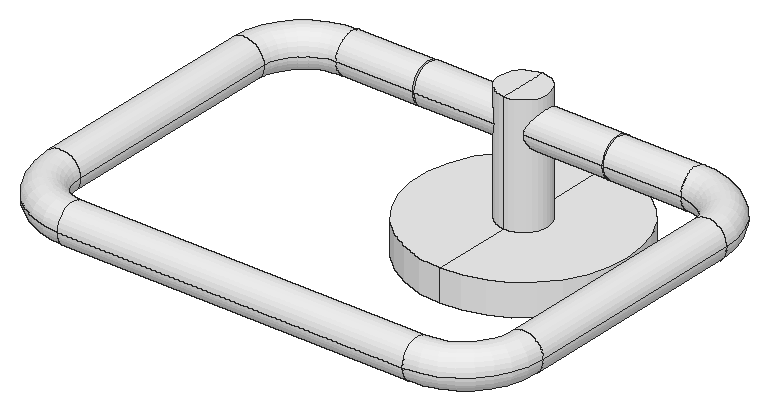
Revit family "Towel Ring-Wall-Caroma Liano", category Specialty Equipment, host Face, Revit 2013
Parameters (values of type "Standard")
  URL = "http://www.caroma.com.au/"
  Type Comments = "Caroma Liano Towel Ring"  # constant formula
  ModifiedIssue_ANZRS = 1  # constant formula
  Model = "96122C"  # constant formula
  Material_ANZRS = Metal-Chrome-Caroma
  Manufacturer = "GWA Bathrooms & Kitchens"  # constant formula
  Length_ANZRS = 144 mm  # constant formula
  Description = ""
  Default Elevation = 900 mm
  CreatedBy_ANZRS = "Design Content"  # constant formula
  CreatedByURL_ANZRS = "www.designcontent.com.au"
  Cost = 0
  Assembly Code = "C1030200"
Reference planes
  plane 1 "Center (Elevation)": y = 0
  plane 2 "Back": z = 0
  plane 3 "Center (Left/Right)": x = 0
  plane 4 "Left": x = -72
  plane 5 "Right": x = 72
  plane 6 "Front": z = 43
  plane 7 "Top": y = 29.966
  plane 8 "Bottom": y = -105.5
Forms (mm)
  Revolve 1, solid, material "Metal-Chrome-Caroma" <- "Material_ANZRS"
    sketch origin (0, 0, 0) x (0, 1, 0) y (0, 0, 1)
      loop
        line (0, 0) -> (29.966, 0) -> (29.966, 9) -> (6.929, 9) -> (6.929, 43) -> (0, 43) -> (0, 0)
      axis (0, 43) -> (0, 0)
    angle from 0 to 360
  Sweep 2, solid, material "Metal-Chrome-Caroma" <- "Material_ANZRS"
    path origin (0, 0, 0) x (1, 0, 0) y (0, 1, 0)
      loop
        line (27.5, 0) -> (49.5, 0)
        arc (49.5, 0) -> (61.521, -4.979) -> (66.5, -17) r 17
        line (66.5, -17) -> (66.5, -83)
        arc (66.5, -83) -> (61.521, -95.021) -> (49.5, -100) r 17
        line (49.5, -100) -> (-49.5, -100)
        arc (-49.5, -100) -> (-61.521, -95.021) -> (-66.5, -83) r 17
        line (-66.5, -83) -> (-66.5, -17)
        arc (-66.5, -17) -> (-61.521, -4.979) -> (-49.5, 0) r 17
        line (-49.5, 0) -> (-27.5, 0)
    profile origin (-38.5, 0, 0) x (0, 1, 0) y (0, 0, 1)
      loop
        circle (0, 34) r 5.5
  Revolve 3, solid, material "Metal-Chrome-Caroma" <- "Material_ANZRS"
    sketch origin (0, 0, 34) x (1, 0, 0) y (0, 1, 0)
      loop
        line (-32.011, 0) -> (32.011, 0) -> (32.011, 4) -> (27.011, 4) -> (27.011, 5.5) -> (-27.011, 5.5) -> (-27.011, 4) -> (-32.011, 4) -> (-32.011, 0)
      axis (32.011, 0) -> (-32.011, 0)
    angle from 0 to 360
Cuts and joins
  joined: Revolve 1, Sweep 2, Revolve 3
Dimensions and locks
  "Length_ANZRS": plane 4 "Left" to plane 5 "Right"
  plane 6 "Front" to level = 43 mm
  plane 4 "Left" to plane 3 "Center (Left/Right)" to plane 5 "Right" = 72 mm, 72 mm
  aligned and locked: plane 2 "Back" to host face
  aligned and locked: level to host face
Automatic sketch dimensions
  host sketch curve to host sketch curve = 2438.4 mm  (x2)
  Sweep 2 sketch curve to profile plane = 0 mm
  level to Sweep 2 sketch curve = 34 mm
  Revolve 1 sketch curve to plane 6 "Front" = 0 mm
  Revolve 1 sketch curve to plane 7 "Top" = 0 mm
  level to Revolve 1 sketch curve = 9 mm
  Revolve 1 sketch curve to plane 1 "Center (Elevation)" = 0 mm  (x2)
  Revolve 1 sketch curve to level = 0 mm
  Revolve 1 sketch curve to plane 1 "Center (Elevation)" = 6.929 mm
  Revolve 1 sketch curve to Revolve 1 sketch curve = 24.096 mm
  Revolve 1 sketch curve to Revolve 1 sketch curve = 7.879 mm
  plane 1 "Center (Elevation)" to Sweep 2 sketch curve = 0 mm  (x2)
  plane 4 "Left" to Sweep 2 sketch curve = 5.5 mm
  Sweep 2 sketch curve to plane 8 "Bottom" = 5.5 mm
  plane 4 "Left" to Sweep 2 sketch curve = 22.5 mm  (x2)
  Sweep 2 sketch curve to plane 5 "Right" = 22.5 mm  (x2)
  Sweep 2 sketch curve to plane 5 "Right" = 5.5 mm
  Sweep 2 sketch curve to Sweep 2 sketch curve = 22 mm  (x2)
  plane 1 "Center (Elevation)" to Revolve 3 sketch curve = 0 mm  (x2)
  Revolve 3 sketch curve to plane 3 "Center (Left/Right)" = 32.011 mm
  Revolve 3 sketch curve to plane 1 "Center (Elevation)" = 4 mm
  Revolve 3 sketch curve to Revolve 3 sketch curve = 5 mm  (x2)
  Revolve 3 sketch curve to plane 1 "Center (Elevation)" = 5.5 mm
  plane 3 "Center (Left/Right)" to Revolve 3 sketch curve = 27.011 mm
  Revolve 3 sketch curve to Revolve 3 sketch curve = 5.634 mm
  Revolve 3 sketch curve to Revolve 3 sketch curve = 0 mm
  Revolve 3 sketch curve to Revolve 3 sketch curve = 1.5 mm
  radius of Sweep 2 sketch curve = 5.5 mm
